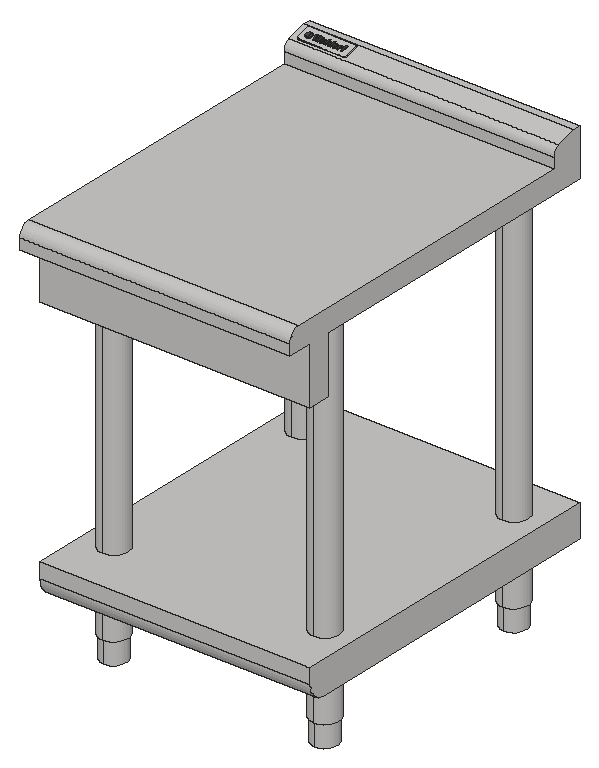
Revit family "QF_MOFFAT WALDORF_BTL8600-LS", category Specialty Equipment, Revit 2012
Parameters
  Weight in Pounds = 103.6171  # constant formula
  Width [instance] = 600.00 mm  # constant formula
  URL Cutsheet = "www.moffat.com"
  URL = "www.moffat.com"
  Type Mark [instance] = ""
  Status [instance] = ""
  Specification by User [instance] = ""
  Specification by Manufacturer = ""
  Show Logo [instance] = yes
  Show Casters [instance] = no
  Serial Number = ""
  Seismic Rating = ""
  SMACNA No = ""
  Revision Code [instance] = ""
  Omniclass Number and Title = ""
  NAFEM Spec ID Number = ""
  Model = "BTL8600-LS"
  Masterspec = ""
  Manufacturer = "MOFFAT WALDORF"
  Legs [instance] = not(Show Casters)  # yes
  Item Number [instance] = ""
  Installed By [instance] = ""
  Identify Quantity as Lot [instance] = yes
  Height = 972.00 mm  # constant formula
  Furnished By [instance] = ""
  Foodservice Equipment Identifier [instance] = yes
  Description = "BENCH TOP LOW SPLASHBACK ON LEG STAND"
  Depth [instance] = 805.00 mm  # constant formula
  CSI MasterFormat = ""
  CSI Master Format = ""
  Back Splash [instance] = 215.00 mm  # constant formula
Reference planes
  plane 1 "BACK": y = 0
  plane 2: z = 0
  plane 3 "LEFT": x = 0
  plane 4 "RIGHT": x = 600
  plane 5 "FRONT": y = -805
  plane 6 "TOP": z = 972
  plane 7 "Center Y": x = 300
  plane 8 "Center X": y = -402.5
  plane 9 "Base Height": z = 150
  plane 10: z = 915
  plane 11: x = 65
  plane 12: x = 534
  plane 13: y = -625
  plane 14: y = -100
Forms (mm)
  Extrusion 1, solid, material "QF_Finishes_Stainless Steel"
    sketch origin (0, 0, 0) x (0, 1, 0) y (0, 0, 1)
      loop
        line (0, 222.5) -> (-749, 222.5) -> (-749, 188)
        arc (-749, 188) -> (-737.87, 161.13) -> (-711, 150) r 38
        line (-711, 150) -> (0, 150) -> (0, 222.5)
      loop
        line (-805, 893) -> (-805, 868) -> (-749, 868) -> (-749, 740) -> (-699, 740) -> (-699, 868) -> (0, 868) -> (0, 972) -> (-16.5, 972) -> (-58, 960.88)
        arc (-58, 960.88) -> (-66.785, 952.095) -> (-70, 940.095) r 24
        line (-70, 940.095) -> (-70, 917) -> (-781, 917)
        arc (-781, 917) -> (-797.971, 909.971) -> (-805, 893) r 24
    from 0 to 600
  Extrusion 2, solid, material "QF_Finishes_Stainless Steel"
    sketch origin (0, -699, 222.5) x (0, -1, 0) y (1, 0, 0)
      loop
        circle (-599, 65) r 31.75
      loop
        circle (-599, 534) r 31.75
      loop
        circle (-74, 65) r 31.75
      loop
        circle (-74, 534) r 31.75
    from 0 to 645.5
  Revolve 3, solid, material "QF_Finishes_Stainless Steel", visible <- "Legs"
    sketch origin (534, -210, 0) x (0, 1, 0) y (0, 0, -1)
      loop
        line (78.25, -150) -> (110, -150) -> (110, 0) -> (82.5, 0) -> (82.5, -50) -> (78.25, -50) -> (78.25, -150)
      axis (110, -150) -> (110, 0)
    angle from 0 to 360
  Revolve 4, solid, material "QF_Finishes_Stainless Steel"
    sketch origin (534, -735, 0) x (0, 1, 0) y (0, 0, -1)
      loop
        line (78.25, -150) -> (110, -150) -> (110, 0) -> (82.5, 0) -> (82.5, -50) -> (78.25, -50) -> (78.25, -150)
      axis (110, -150) -> (110, 0)
    angle from 0 to 360
  Revolve 5, solid, material "QF_Finishes_Stainless Steel", visible <- "Legs"
    sketch origin (65, -210, 0) x (0, 1, 0) y (0, 0, -1)
      loop
        line (78.25, -150) -> (110, -150) -> (110, 0) -> (82.5, 0) -> (82.5, -50) -> (78.25, -50) -> (78.25, -150)
      axis (110, -150) -> (110, 0)
    angle from 0 to 360
  Revolve 6, solid, material "QF_Finishes_Stainless Steel"
    sketch origin (65, -735, 0) x (0, 1, 0) y (0, 0, -1)
      loop
        line (78.25, -150) -> (110, -150) -> (110, 0) -> (82.5, 0) -> (82.5, -50) -> (78.25, -50) -> (78.25, -150)
      axis (110, -150) -> (110, 0)
    angle from 0 to 360
Lines and regions (mm)
  symbolic lines
    curve 1: line (0, 0, 0) -> (0, -805, 0)
    curve 2: line (600, 0, 0) -> (0, 0, 0)
    curve 3: line (600, -805, 0) -> (600, 0, 0)
    curve 4: line (0, -70, 0) -> (600, -70, 0)
    curve 5: line (0, -805, 0) -> (600, -805, 0)
    curve 6: line (12.5, -20.958, 0) -> (121.5, -20.958, 0)
    curve 7: line (12.5, -51.234, 0) -> (12.5, -20.958, 0)
    curve 8: line (121.5, -20.958, 0) -> (121.5, -51.234, 0)
    curve 9: line (12.5, -51.234, 0) -> (121.5, -51.234, 0)
Dimensions and locks
  equal spacing: plane 3 "LEFT", plane 7 "Center Y", plane 4 "RIGHT"
  "Width": plane 3 "LEFT" to plane 4 "RIGHT"
  equal spacing: plane 5 "FRONT", plane 8 "Center X", plane 1 "BACK"
  "Depth": plane 5 "FRONT" to plane 1 "BACK"
  locked: plane 10 to level at 915
  locked: plane 9 "Base Height" to level at 150
  nested 1 to plane 6 "TOP" to nested 1 to plane 10 = 0.882 mm, 7.954 mm, 49.046 mm
  plane 13 to plane 14 = 525.00 mm
  plane 12 to plane 11 = 469.00 mm
  "Height": plane 6 "TOP" to level
  aligned and locked: level to plane 2
Automatic sketch dimensions
  Extrusion 2 sketch curve to Extrusion 2 sketch curve = 0.00 mm  (x8)
  Extrusion 1 to Extrusion 2 sketch curve = 68.25 mm  (x2)
  Extrusion 2 sketch curve to Extrusion 2 sketch curve = 31.75 mm  (x4)
  Extrusion 1 to Extrusion 2 sketch curve = 155.75 mm  (x2)
  Extrusion 1 to Extrusion 2 sketch curve = 65.00 mm  (x2)
  Extrusion 1 to Extrusion 2 sketch curve = 66.00 mm  (x2)
  Revolve 3 sketch curve to plane 9 "Base Height" = 0.00 mm
  Revolve 3 sketch curve to level = 0.00 mm
  Revolve 3 sketch curve to plane 14 = 0.00 mm  (x2)
  Revolve 3 sketch curve to plane 14 = 27.50 mm
  Revolve 3 sketch curve to plane 14 = 31.75 mm
  level to Revolve 3 sketch curve = 50.00 mm
  Revolve 3 sketch curve to Revolve 3 sketch curve = 0.00 mm
  Revolve 3 sketch curve to Revolve 3 sketch curve = 55.00 mm
  Revolve 4 sketch curve to plane 9 "Base Height" = 0.00 mm
  Revolve 4 sketch curve to level = 0.00 mm
  Revolve 4 sketch curve to plane 13 = 0.00 mm  (x2)
  Revolve 4 sketch curve to plane 13 = 27.50 mm
  Revolve 4 sketch curve to plane 13 = 31.75 mm
  level to Revolve 4 sketch curve = 50.00 mm
  Revolve 4 sketch curve to Revolve 4 sketch curve = 0.00 mm
  Revolve 4 sketch curve to Revolve 4 sketch curve = 55.00 mm
  Revolve 5 sketch curve to plane 9 "Base Height" = 0.00 mm
  Revolve 5 sketch curve to level = 0.00 mm
  Revolve 5 sketch curve to plane 14 = 0.00 mm  (x2)
  Revolve 5 sketch curve to plane 14 = 27.50 mm
  Revolve 5 sketch curve to plane 14 = 31.75 mm
  level to Revolve 5 sketch curve = 50.00 mm
  Revolve 5 sketch curve to Revolve 5 sketch curve = 0.00 mm
  Revolve 5 sketch curve to Revolve 5 sketch curve = 55.00 mm
  Revolve 6 sketch curve to plane 9 "Base Height" = 0.00 mm
  Revolve 6 sketch curve to level = 0.00 mm
  Revolve 6 sketch curve to plane 13 = 0.00 mm  (x2)
  Revolve 6 sketch curve to plane 13 = 27.50 mm
  Revolve 6 sketch curve to plane 13 = 31.75 mm
  level to Revolve 6 sketch curve = 50.00 mm
  Revolve 6 sketch curve to Revolve 6 sketch curve = 0.00 mm
  Revolve 6 sketch curve to Revolve 6 sketch curve = 55.00 mm
  plane 1 "BACK" to curve 1 = 0.00 mm
  curve 1 to plane 3 "LEFT" = 0.00 mm
  curve 3 to plane 4 "RIGHT" = 0.00 mm
  plane 5 "FRONT" to curve 5 = 0.00 mm
  plane 3 "LEFT" to curve 6 = 12.50 mm
  plane 11 to curve 9 = 56.50 mm
  plane 14 to curve 4 = 30.00 mm
  curve 4 to curve 7 = 18.766 mm
  plane 1 "BACK" to curve 6 = 20.958 mm
  Extrusion 1 sketch curve to plane 5 "FRONT" = 0.00 mm
  plane 10 to Extrusion 1 sketch curve = 2.00 mm
  Extrusion 1 sketch curve to plane 9 "Base Height" = 0.00 mm
  Extrusion 1 sketch curve to plane 6 "TOP" = 0.00 mm
  Extrusion 1 sketch curve to plane 1 "BACK" = 0.00 mm  (x2)
  Extrusion 1 sketch curve to plane 5 "FRONT" = 24.00 mm
  Extrusion 1 sketch curve to Extrusion 1 sketch curve = 32.00 mm
  Extrusion 1 sketch curve to plane 5 "FRONT" = 56.00 mm
  Extrusion 1 sketch curve to Extrusion 1 sketch curve = 38.00 mm
  Extrusion 1 sketch curve to Extrusion 1 sketch curve = 50.00 mm
  Extrusion 1 sketch curve to plane 6 "TOP" = 11.12 mm
  Extrusion 1 sketch curve to Extrusion 1 sketch curve = 12.00 mm
  Extrusion 1 sketch curve to Extrusion 1 sketch curve = 24.00 mm
  Extrusion 1 sketch curve to Extrusion 1 sketch curve = 16.50 mm
  Extrusion 1 sketch curve to Extrusion 1 sketch curve = 34.50 mm
  Extrusion 1 sketch curve to Extrusion 1 sketch curve = 153.00 mm
  Extrusion 1 sketch curve to Extrusion 1 sketch curve = 25.00 mm
  Extrusion 1 sketch curve to plane 10 = 47.00 mm
  plane 14 to Extrusion 1 sketch curve = 30.00 mm
Nested families
  nested 1: "WALDORF-LOGO" at (12.5, -35.273, 938.69), visible <- "Show Logo", type "WALDORF-LOGO", detail levels medium+fine
    with Type Mark "", Status "", Specification by User "", Revision Code "", Item Number "", Installed By "", Identify Quantity as Lot yes, Furnished By "", Foodservice Equipment Identifier yes
  nested 2: "BTL8600-LS-CASTERS" at (65, -100, 0), Show Casters <- "Show Casters", visible <- "Show Casters", type "BTL8600-LS-CASTERS"
    with Type Mark "", Status "", Specification by User "", Show Casters no, Revision Code "", Item Number "", Installed By "", Identify Quantity as Lot yes, Furnished By "", Foodservice Equipment Identifier yes
  nested 3: "BTL8600-LS-CASTERS" at (534, -100, 0), Show Casters <- "Show Casters", visible <- "Show Casters", type "BTL8600-LS-CASTERS"
    with Type Mark "", Status "", Specification by User "", Show Casters no, Revision Code "", Item Number "", Installed By "", Identify Quantity as Lot yes, Furnished By "", Foodservice Equipment Identifier yes
Definition of nested family "WALDORF-LOGO"
  Parameters (values of type "WALDORF-LOGO")
    Weight in Pounds = 0
    URL Cutsheet = ""
    Type Mark [instance] = ""
    Status [instance] = ""
    Specification by User [instance] = ""
    Specification by Manufacturer = ""
    Show Logo [instance] = yes
    Serial Number = ""
    Seismic Rating = ""
    SMACNA No = ""
    Revision Code [instance] = ""
    Omniclass Number and Title = ""
    NAFEM Spec ID Number = ""
    Masterspec = ""
    Item Number [instance] = ""
    Installed By [instance] = ""
    Identify Quantity as Lot [instance] = yes
    Furnished By [instance] = ""
    Foodservice Equipment Identifier [instance] = yes
    CSI MasterFormat = ""
    CSI Master Format = ""
  Reference planes
    plane 1 "BACK": y = 0
    plane 2: z = 0
    plane 3 "LEFT": x = 0
    plane 4 "RIGHT": x = 109
    plane 5 "FRONT": y = -1.588
    plane 6 "TOP": z = 34.14
    plane 7 "Center Y": x = 54.5
    plane 8 "Center X": y = -0.794
    plane 9: through (-6096, 21.87, 34.14) normal (0, -0.2588, 0.9659)
  Forms (mm)
    Extrusion 1, solid, material "QF_Finishes_Stainless Steel", visible <- "Show Logo"
      sketch origin (0, -16.636, 23.822) x (1, 0, 0) y (0, 0.965926, 0.258819)
        loop
          arc (5, 34.14) -> (1.464, 32.676) -> (0, 29.14) r 5
          line (0, 29.14) -> (0, 5)
          arc (0, 5) -> (1.464, 1.464) -> (5, 0) r 5
          line (5, 0) -> (104, 0)
          arc (104, 0) -> (107.536, 1.464) -> (109, 5) r 5
          line (109, 5) -> (109, 29.14)
          arc (109, 29.14) -> (107.536, 32.676) -> (104, 34.14) r 5
          line (104, 34.14) -> (5, 34.14)
      from 0 to 1.588
    Extrusion 2, solid, material "QF_Finishes_Black", visible <- "Show Logo"
      sketch origin (0, -17.047, 25.356) x (1, 0, 0) y (0, 0.965926, 0.258819)
        loop
          line (24.772, 23.214) -> (27.992, 10.301) -> (31.551, 10.301) -> (33.443, 17.364) -> (35.205, 10.301) -> (39.332, 10.301) -> (42.077, 23.214) -> (38.352, 23.214) -> (36.676, 15.33) -> (35, 23.214) -> (31.752, 23.214) -> (30.076, 15.33) -> (28.4, 23.214) -> (24.772, 23.214)
        loop
          line (42.272, 17.055) -> (45.703, 17.055)
          spline (45.703, 17.055) -> (45.741, 17.285) -> (45.852, 17.499) -> (46.028, 17.682) -> (46.258, 17.823) -> (46.526, 17.912) -> (46.813, 17.942) -> (47.1, 17.912) -> (47.368, 17.823) -> (47.597, 17.682) -> (47.774, 17.499) -> (47.884, 17.285) -> (47.922, 17.055)
          line (47.922, 17.055) -> (47.922, 16.222)
          arc (47.922, 16.222) -> (45.742, 16.014) -> (43.665, 15.317) r 9.604
          arc (43.665, 15.317) -> (41.924, 12.809) -> (43.665, 10.301) r 2.677
          arc (43.665, 10.301) -> (45.527, 10.353) -> (47.332, 10.816) r 8.365
          line (47.332, 10.816) -> (48.092, 11.105) -> (48.092, 10.301) -> (51.817, 10.301) -> (51.817, 17.055)
          spline (51.817, 17.055) -> (51.654, 17.821) -> (51.178, 18.535) -> (50.419, 19.148) -> (49.431, 19.619) -> (48.28, 19.914) -> (47.044, 20.015) -> (45.809, 19.914) -> (44.658, 19.619) -> (43.67, 19.148) -> (42.911, 18.535) -> (42.434, 17.821) -> (42.272, 17.055)
        loop
          line (53.151, 23.214) -> (53.151, 10.301) -> (57.37, 10.301) -> (57.37, 23.214) -> (53.151, 23.214)
        loop
          line (64.874, 23.214) -> (64.874, 18.857)
          arc (64.874, 18.857) -> (58.083, 15.11) -> (64.874, 11.363) r 4.429
          line (64.874, 11.363) -> (64.874, 10.301) -> (68.378, 10.301) -> (68.378, 23.214) -> (64.874, 23.214)
        loop
          arc (64.874, 16.083) -> (61.41, 14.987) -> (64.874, 13.891) r 1.905
          line (64.874, 13.891) -> (64.874, 16.083)
        loop
          circle (74.623, 15.223) r 5
        loop
          spline (74.623, 17.856) -> (74.355, 17.766) -> (74.105, 17.503) -> (73.891, 17.084) -> (73.726, 16.539) -> (73.623, 15.904) -> (73.588, 15.223) -> (73.623, 14.541) -> (73.726, 13.906) -> (73.891, 13.361) -> (74.105, 12.942) -> (74.355, 12.679) -> (74.623, 12.59)
          spline (74.623, 12.59) -> (74.891, 12.679) -> (75.141, 12.942) -> (75.355, 13.361) -> (75.52, 13.906) -> (75.623, 14.541) -> (75.659, 15.223) -> (75.623, 15.904) -> (75.52, 16.539) -> (75.355, 17.084) -> (75.141, 17.503) -> (74.891, 17.766) -> (74.623, 17.856)
        loop
          line (81.255, 19.813) -> (81.255, 10.301) -> (84.834, 10.301) -> (84.834, 14.176)
          arc (84.834, 14.176) -> (85.854, 16.093) -> (88.013, 16.32) r 2.313
          line (88.013, 16.32) -> (88.013, 19.813) -> (87.161, 19.813)
          arc (87.161, 19.813) -> (85.526, 19.266) -> (84.549, 17.844) r 2.717
          line (84.549, 17.844) -> (84.549, 19.813) -> (81.255, 19.813)
        loop
          line (90.249, 19.813) -> (88.91, 19.813) -> (88.91, 17.614) -> (90.249, 17.614) -> (90.249, 10.301) -> (93.998, 10.301) -> (93.998, 17.614) -> (95.418, 17.614) -> (95.418, 19.813) -> (93.998, 19.813)
          arc (93.998, 19.813) -> (94.414, 20.817) -> (95.418, 21.233) r 1.42
          line (95.418, 21.233) -> (95.418, 23.602) -> (93.317, 23.602)
          arc (93.317, 23.602) -> (91.343, 22.903) -> (90.249, 21.118) r 3.137
          line (90.249, 21.118) -> (90.249, 19.813)
        loop
          arc (15.241, 23.571) -> (8.392, 16.525) -> (15.241, 9.479) r 7.049
          line (15.241, 9.479) -> (15.241, 23.571)
        loop
          line (15.641, 23.571) -> (15.641, 9.479)
          arc (15.641, 9.479) -> (22.49, 16.525) -> (15.641, 23.571) r 7.049
        loop
          arc (47.922, 14.711) -> (46.266, 13.749) -> (47.922, 12.787) r 1.107
          line (47.922, 12.787) -> (47.922, 14.711)
      from 0 to 0.2
  Dimensions and locks
    equal spacing: plane 3 "LEFT", plane 7 "Center Y", plane 4 "RIGHT"
    plane 3 "LEFT" to plane 4 "RIGHT" = 109.00 mm
    equal spacing: plane 5 "FRONT", plane 8 "Center X", plane 1 "BACK"
    plane 5 "FRONT" to plane 1 "BACK" = 1.588 mm
    aligned and locked: level to plane 2
  Automatic sketch dimensions
    Extrusion 1 sketch curve to plane 3 "LEFT" = 0.00 mm
    Extrusion 1 sketch curve to plane 4 "RIGHT" = 0.00 mm
    plane 3 "LEFT" to Extrusion 1 sketch curve = 5.00 mm  (x2)
    plane 4 "RIGHT" to Extrusion 1 sketch curve = 5.00 mm  (x2)
    Extrusion 1 sketch curve to Extrusion 1 sketch curve = 24.14 mm
    Extrusion 2 sketch curve to Extrusion 2 sketch curve = 0.00 mm  (x14)
    Extrusion 2 sketch curve to Extrusion 1 = 15.241 mm
    Extrusion 2 sketch curve to Extrusion 2 sketch curve = 0.20 mm
    Extrusion 2 sketch curve to Extrusion 2 sketch curve = 0.40 mm
    Extrusion 2 sketch curve to Extrusion 2 sketch curve = 9.131 mm
    Extrusion 2 sketch curve to Extrusion 1 = 10.301 mm  (x2)
    Extrusion 2 sketch curve to Extrusion 2 sketch curve = 12.351 mm
    Extrusion 2 sketch curve to Extrusion 2 sketch curve = 3.628 mm
    Extrusion 2 sketch curve to Extrusion 2 sketch curve = 2.084 mm
    Extrusion 2 sketch curve to Extrusion 2 sketch curve = 3.559 mm
    Extrusion 2 sketch curve to Extrusion 1 = 10.926 mm  (x2)
    Extrusion 2 sketch curve to Extrusion 2 sketch curve = 3.352 mm  (x2)
    Extrusion 2 sketch curve to Extrusion 2 sketch curve = 3.367 mm
    Extrusion 2 sketch curve to Extrusion 2 sketch curve = 3.249 mm
    Extrusion 2 sketch curve to Extrusion 2 sketch curve = 3.654 mm
    Extrusion 2 sketch curve to Extrusion 1 = 15.33 mm
    Extrusion 2 sketch curve to Extrusion 2 sketch curve = 3.233 mm
    Extrusion 2 sketch curve to Extrusion 2 sketch curve = 4.128 mm
    Extrusion 2 sketch curve to Extrusion 2 sketch curve = 3.725 mm
    Extrusion 2 sketch curve to Extrusion 2 sketch curve = 5.596 mm
    Extrusion 2 sketch curve to Extrusion 2 sketch curve = 4.333 mm
    Extrusion 2 sketch curve to Extrusion 2 sketch curve = 1.394 mm
    Extrusion 2 sketch curve to Extrusion 2 sketch curve = 2.092 mm
    Extrusion 2 sketch curve to Extrusion 2 sketch curve = 0.936 mm
    Extrusion 2 sketch curve to Extrusion 2 sketch curve = 1.34 mm
    Extrusion 2 sketch curve to Extrusion 2 sketch curve = 1.109 mm
    Extrusion 2 sketch curve to Extrusion 2 sketch curve = 0.232 mm
    Extrusion 2 sketch curve to Extrusion 2 sketch curve = 2.731 mm
    Extrusion 2 sketch curve to Extrusion 2 sketch curve = 0.549 mm  (x2)
    Extrusion 2 sketch curve to Extrusion 2 sketch curve = 0.407 mm
    Extrusion 2 sketch curve to Extrusion 2 sketch curve = 0.76 mm
    Extrusion 2 sketch curve to Extrusion 2 sketch curve = 1.334 mm
    Extrusion 2 sketch curve to Extrusion 2 sketch curve = 4.219 mm
    Extrusion 2 sketch curve to Extrusion 2 sketch curve = 5.142 mm
    Extrusion 2 sketch curve to Extrusion 2 sketch curve = 0.803 mm
    Extrusion 2 sketch curve to Extrusion 2 sketch curve = 1.558 mm
    Extrusion 2 sketch curve to Extrusion 2 sketch curve = 3.504 mm
    Extrusion 2 sketch curve to Extrusion 2 sketch curve = 6.245 mm
    Extrusion 2 sketch curve to Extrusion 2 sketch curve = 6.632 mm
    Extrusion 2 sketch curve to Extrusion 2 sketch curve = 3.294 mm
    Extrusion 2 sketch curve to Extrusion 2 sketch curve = 3.579 mm
    Extrusion 2 sketch curve to Extrusion 2 sketch curve = 2.313 mm
    Extrusion 2 sketch curve to Extrusion 2 sketch curve = 2.612 mm
    Extrusion 2 sketch curve to Extrusion 2 sketch curve = 0.852 mm
    Extrusion 2 sketch curve to Extrusion 2 sketch curve = 0.897 mm
    Extrusion 2 sketch curve to Extrusion 2 sketch curve = 3.102 mm
    Extrusion 2 sketch curve to Extrusion 2 sketch curve = 1.338 mm
    Extrusion 2 sketch curve to Extrusion 2 sketch curve = 3.068 mm
    Extrusion 2 sketch curve to Extrusion 2 sketch curve = 0.681 mm
    Extrusion 2 sketch curve to Extrusion 2 sketch curve = 3.749 mm
    Extrusion 2 sketch curve to Extrusion 2 sketch curve = 1.42 mm
    Extrusion 2 sketch curve to Extrusion 2 sketch curve = 5.029 mm  (x2)
    Extrusion 2 sketch curve to Extrusion 1 = 9.479 mm
    Extrusion 2 sketch curve to Extrusion 2 sketch curve = 3.681 mm
    Extrusion 2 sketch curve to Extrusion 2 sketch curve = 0.515 mm
    Extrusion 2 sketch curve to Extrusion 2 sketch curve = 0.804 mm
    Extrusion 2 sketch curve to Extrusion 2 sketch curve = 1.062 mm
    Extrusion 2 sketch curve to Extrusion 2 sketch curve = 1.682 mm
    Extrusion 2 sketch curve to Extrusion 2 sketch curve = 2.508 mm
    Extrusion 2 sketch curve to Extrusion 2 sketch curve = 0.962 mm
    Extrusion 2 sketch curve to Extrusion 2 sketch curve = 2.528 mm
    Extrusion 2 sketch curve to Extrusion 2 sketch curve = 3.875 mm
    Extrusion 2 sketch curve to Extrusion 2 sketch curve = 1.096 mm
    Extrusion 2 sketch curve to Extrusion 2 sketch curve = 0.123 mm
    Extrusion 2 sketch curve to Extrusion 2 sketch curve = 4.922 mm
    Extrusion 2 sketch curve to Extrusion 2 sketch curve = 7.046 mm
    Extrusion 2 sketch curve to Extrusion 2 sketch curve = 0.833 mm
    Extrusion 2 sketch curve to Extrusion 2 sketch curve = 0.776 mm
    Extrusion 2 sketch curve to Extrusion 2 sketch curve = 2.034 mm
    Extrusion 2 sketch curve to Extrusion 2 sketch curve = 7.314 mm
    Extrusion 2 sketch curve to Extrusion 2 sketch curve = 1.295 mm
    Extrusion 2 sketch curve to Extrusion 2 sketch curve = 0.749 mm
    Extrusion 2 sketch curve to Extrusion 2 sketch curve = 2.633 mm
    Extrusion 2 sketch curve to Extrusion 2 sketch curve = 2.198 mm  (x2)
    Extrusion 2 sketch curve to Extrusion 2 sketch curve = 1.968 mm
    Extrusion 2 sketch curve to Extrusion 2 sketch curve = 0.653 mm
    Extrusion 2 sketch curve to Extrusion 2 sketch curve = 1.305 mm
    Extrusion 2 sketch curve to Extrusion 2 sketch curve = 4.357 mm
    Extrusion 2 sketch curve to Extrusion 2 sketch curve = 6.159 mm
    radius of Extrusion 2 sketch curve = 5.00 mm
Definition of nested family "BTL8600-LS-CASTERS"
  Parameters (values of type "BTL8600-LS-CASTERS")
    Weight = ""
    URL Manufacturer = ""
    URL Cutsheet = ""
    URL = ""
    Type Mark [instance] = ""
    Status [instance] = ""
    Specification by User [instance] = ""
    Specification by Manufacturer = ""
    Show Casters [instance] = no
    Serial Number = ""
    Seismic Rating = ""
    SMACNA No = ""
    Revision Code [instance] = ""
    Omniclass Number and Title = ""
    NAFEM Spec ID Number = ""
    Model = ""
    MasterSpec. = ""
    Manufacturer = ""
    Item Number [instance] = ""
    Installed By [instance] = ""
    Identify Quantity as Lot [instance] = yes
    Furnished By [instance] = ""
    Foodservice Equipment Identifier [instance] = yes
    Description = ""
    CSI MasterFormat = ""
    CSI Master Format = ""
    Assembly Code = ""
  Reference planes
    plane 1: z = 0
    plane 2 "RIGHT": x = 0
    plane 3 "FRONT": y = 0
    plane 4 "Base Height": z = 150
  Forms (mm)
    Revolve 1, solid, material "QF_Finishes_Stainless Steel", visible <- "Show Casters"
      sketch origin (0, 56.335, 0) x (0, 1, 0) y (0, 0, 1)
        loop
          line (-56.335, 152.4) -> (-56.335, 141.118) -> (-23.798, 141.118) -> (-23.798, 152.4) -> (-56.335, 152.4)
        axis (-56.335, 141.118) -> (-56.335, 152.4)
      angle from 0 to 360
    Extrusion 2, solid, material "QF_Finishes_Stainless Steel", visible <- "Show Casters"
      sketch origin (-46.049, 56.335, 0) x (0, 1, 0) y (0, 0, 1)
        loop
          line (-85.799, 141.118) -> (-85.799, 133.498) -> (-82.136, 133.498)
          arc (-82.136, 133.498) -> (-79.344, 132.328) -> (-77.146, 130.248) r 8.432
          line (-77.146, 130.248) -> (-39.502, 49.52)
          arc (-39.502, 49.52) -> (-13.784, 46.107) -> (-5.673, 70.75) r 20.32
          arc (-5.673, 70.75) -> (-7.065, 73.611) -> (-8.887, 76.22) r 20.32
          arc (-8.887, 76.22) -> (-9.399, 85.377) -> (-6.626, 94.119) r 25.4
          line (-6.626, 94.119) -> (8.003, 121.632)
          arc (8.003, 121.632) -> (-2.347, 126.31) -> (-13.34, 129.167) r 66.802
          line (-13.34, 129.167) -> (-13.765, 133.498) -> (-26.871, 133.498) -> (-26.871, 141.118) -> (-85.799, 141.118)
      from 20.058 to 22.923
    Extrusion 3, solid, material "QF_Finishes_Stainless Steel", visible <- "Show Casters"
      sketch origin (3.326, 56.335, 0) x (0, 1, 0) y (0, 0, 1)
        loop
          line (-85.799, 141.118) -> (-85.799, 133.498) -> (-82.136, 133.498)
          arc (-82.136, 133.498) -> (-79.344, 132.328) -> (-77.146, 130.248) r 8.432
          line (-77.146, 130.248) -> (-39.502, 49.52)
          arc (-39.502, 49.52) -> (-13.784, 46.107) -> (-5.673, 70.75) r 20.32
          arc (-5.673, 70.75) -> (-7.065, 73.611) -> (-8.887, 76.22) r 20.32
          arc (-8.887, 76.22) -> (-9.399, 85.377) -> (-6.626, 94.119) r 25.4
          line (-6.626, 94.119) -> (8.003, 121.632)
          arc (8.003, 121.632) -> (-2.347, 126.31) -> (-13.34, 129.167) r 66.802
          line (-13.34, 129.167) -> (-13.765, 133.498) -> (-26.871, 133.498) -> (-26.871, 141.118) -> (-85.799, 141.118)
      from 20.058 to 22.923
    Extrusion 4, solid, material "QF_Finishes_Stainless Steel", visible <- "Show Casters"
      sketch origin (-49.224, 56.335, 0) x (0, 1, 0) y (0, 0, 1)
        loop
          line (-85.799, 141.118) -> (-85.799, 133.498) -> (-82.136, 133.498) -> (-18.877, 127.964) -> (7.14, 120.01) -> (8.003, 121.632)
          arc (8.003, 121.632) -> (-2.347, 126.31) -> (-13.34, 129.167) r 66.802
          line (-13.34, 129.167) -> (-13.765, 133.498) -> (-26.871, 133.498) -> (-26.871, 141.118) -> (-85.799, 141.118)
      from 26.098 to 72.56
    Revolve 5, solid, material "QF_Finishes_Stainless Steel", visible <- "Show Casters"
      sketch origin (-49.224, 30.821, 0) x (1, 0, 0) y (0, 0, 1)
        loop
          line (14.841, 63.604) -> (83.584, 63.604) -> (83.584, 67.109) -> (82.314, 68.379) -> (80.79, 68.379) -> (80.79, 71.826) -> (68.644, 71.826) -> (68.644, 81.79) -> (65.088, 83.843) -> (61.683, 104.879) -> (65.881, 104.879) -> (65.881, 111.229) -> (65.088, 111.229) -> (65.088, 117.579)
          arc (65.088, 117.579) -> (62.298, 124.314) -> (55.563, 127.104) r 9.525
          line (55.563, 127.104) -> (42.863, 127.104)
          arc (42.863, 127.104) -> (36.127, 124.314) -> (33.338, 117.579) r 9.525
          line (33.338, 117.579) -> (33.338, 111.229) -> (32.544, 111.229) -> (32.544, 104.879) -> (36.742, 104.879) -> (33.352, 83.932) -> (29.782, 81.871) -> (29.782, 71.826) -> (17.635, 71.826) -> (17.635, 68.379) -> (16.111, 68.379) -> (14.841, 67.109) -> (14.841, 63.604)
        axis (14.841, 63.604) -> (83.584, 63.604)
      angle from 0 to 360
  Cuts and joins
    joined: Extrusion 2, Extrusion 3, Extrusion 4
  Lines and regions (mm)
    symbolic lines, style "SpecialityEquipmentHiddenLines", visible <- "Show Casters"
      curve 1: line (18.009, 67.053, 0) -> (45.595, 51.127, 0)
      curve 2: line (-45.491, -42.932, 0) -> (18.009, 67.053, 0)
      curve 3: line (-17.905, -58.859, 0) -> (-45.491, -42.932, 0)
      curve 4: line (45.595, 51.127, 0) -> (-17.905, -58.859, 0)
  Dimensions and locks
    plane 4 "Base Height" to level = 150.00 mm  (x2)
    Revolve 5 sketch curve to Revolve 5 sketch curve = 63.50 mm
    aligned and locked: level to plane 1
